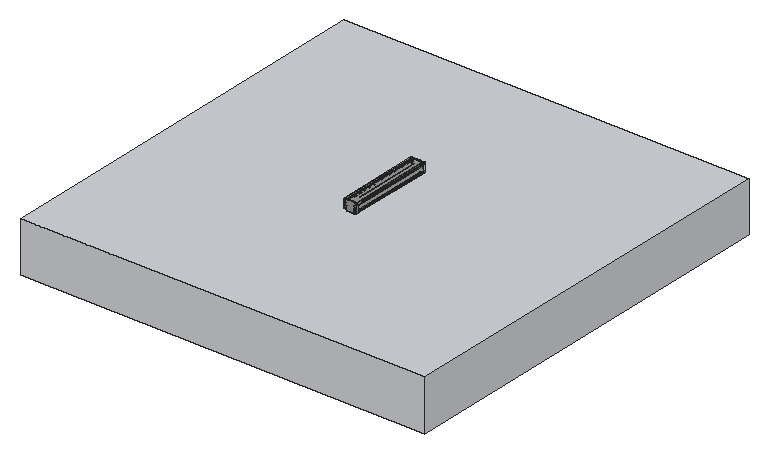
Revit family "L-industry NEW 24", category Осветительные приборы, Revit 2017 (continued)
Types (10, lengths in mm): name | Wattage | built-in parameter 1150134 | Файл фотометрической сетки | built-in parameter 1150142 | built-in parameter 1150105 | Lumens | built-in parameter 1150107 | built-in parameter 1150106 | Артикул
  L-industry NEW 24 5.0K Г30 | 20.2502 W | 2 | "L-industry NEW 24-23-G30-5.0K-01.ies" | "IESNA:LM-63-1995\r\n[TEST]LEDEL\r\n[DATA]27.11.2018\r\n[MANUFAC]LEDEL\r\n[LUMCAT]L-industry NEW 24/23/Г30/5.0K/01\r\n[LUMINAIRE]Для освещения  промышленных объектов, складов, декоративной подсветки  \r\n[MORE]\r\n[LAMPCAT]LED \r\n[LAMP]OSRAM OSLON\r\nTILT=NONE\r\n\r\n1 3008 1.9711664482306 37 19 1 2 0.533 0.083 0.166\r\n\r\n1 1 23\r\n\r\n0 2.5 5 7.5 10 12.5 15 17.5 20 22.5 25 27.5 30 32.5 35 37.5 40 42.5 45 47.5\r\n 50 52.5 55 57.5 60 62.5 65 67.5 70 72.5 75 77.5 80 82.5 85 87.5 90\r\n\r\n  0 5 10 15 20 25 30 35 40 45 50 55 60 65 70 75\r\n  80 85 90\r\n\r\n  3379 3230 2931 2592 2299 2089 1851 1514 1087 732 479 333 273 238 205\r\n  196 176 162 141 128 115 101 88 81 66 58 49 40 36 27\r\n  14 9 5 5 1 1 1\r\n  3377 3217 2938 2627 2345 2110 1860 1495 1068 719 477 333 273 237 207\r\n  181 167 153 137 123 110 101 86 80 66 58 44 40 31 25\r\n  14 5 1 1 3 1 1\r\n  3382 3252 3028 2782 2517 2238 1950 1563 1122 748 488 343 275 238 207\r\n  184 163 154 137 123 110 95 88 75 66 57 49 39 31 25\r\n  16 6 5 1 3 1 1\r\n  3382 3278 3101 2936 2721 2428 2053 1645 1199 812 521 353 279 246 213\r\n  189 176 155 141 128 110 99 88 75 66 61 53 40 36 18\r\n  18 9 3 1 3 1 1\r\n  3382 3279 3142 3019 2846 2534 2099 1649 1221 830 525 355 277 244 218\r\n  196 176 158 141 123 110 101 86 76 66 58 44 37 29 27\r\n  16 13 7 1 1 1 1\r\n  3380 3291 3165 3045 2890 2586 2125 1625 1194 814 524 355 280 238 214\r\n  196 174 158 137 124 110 93 86 79 64 57 44 36 29 27\r\n  16 9 5 4 1 1 1\r\n  3382 3290 3156 3012 2837 2567 2101 1572 1117 766 506 347 277 238 209\r\n  189 176 159 137 124 108 100 82 75 62 54 44 36 29 20\r\n  16 10 5 4 3 1 1\r\n  3376 3287 3145 2974 2776 2505 2064 1527 1047 723 488 335 264 232 207\r\n  188 176 158 139 127 110 100 88 76 64 58 53 40 33 27\r\n  18 10 9 5 1 1 3\r\n  3376 3287 3130 2952 2747 2471 2062 1538 1038 713 497 345 262 229 200\r\n  181 172 154 137 124 110 95 84 75 64 57 49 40 36 28\r\n  18 13 9 5 1 1 1\r\n  3347 3239 3073 2890 2659 2357 1921 1400 932 645 460 315 258 223 194\r\n  176 163 153 135 124 110 102 84 80 64 58 44 42 33 30\r\n  18 14 9 5 1 2 1\r\n  3376 3364 3259 3089 2877 2637 2314 1837 1312 902 611 419 308 259 229\r\n  202 185 176 159 138 128 110 97 85 77 66 60 53 38 36\r\n  27 15 11 9 5 1 1\r\n  3376 3359 3253 3102 2912 2700 2394 1918 1392 972 660 444 317 266 233\r\n  204 187 176 154 137 124 110 102 85 80 66 58 44 36 31\r\n  22 18 11 9 5 5 1\r\n  3382 3349 3229 3086 2921 2709 2345 1845 1345 945 629 420 310 271 236\r\n  211 198 177 159 141 124 110 97 88 77 66 58 46 38 31\r\n  22 15 11 6 5 4 1\r\n  3380 3333 3185 3047 2910 2663 2257 1781 1339 942 614 408 306 261 227\r\n  202 181 165 152 132 124 110 93 85 75 59 53 44 40 31\r\n  22 14 14 5 1 5 1\r\n  3382 3322 3151 2988 2839 2606 2227 1806 1395 993 650 428 321 266 233\r\n  207 187 172 154 133 123 107 97 84 71 63 58 44 40 28\r\n  22 15 9 5 5 2 3\r\n  3382 3307 3101 2883 2688 2442 2110 1743 1335 934 613 412 317 261 227\r\n  198 181 163 150 132 123 107 93 84 75 63 55 44 36 28\r\n  27 15 9 5 1 5 3\r\n  3382 3293 3048 2773 2512 2261 2012 1705 1307 922 613 419 317 255 220\r\n  189 172 159 150 132 119 106 93 84 75 64 53 44 38 31\r\n  18 14 9 2 1 1 3\r\n  3377 3308 3043 2715 2398 2146 1944 1661 1272 896 606 412 310 260 220\r\n  189 174 159 145 132 123 106 97 82 75 62 58 44 36 30\r\n  18 10 7 7 1 1 1\r\n  3379 3291 3019 2679 2350 2110 1930 1681 1307 941 646 437 328 273 229\r\n  198 183 170 154 136 126 110 101 83 75 66 55 44 33 30\r\n  22 14 7 4 3 1 3\r\n\r" | 239.37 (stored number, unit not read) | 3008 lm | 5000 (stored number, unit not read) | 2.3937 (stored number, unit not read) | "401031"
  L-industry NEW 24 4.0K Г60 | 20.4387 W | 12 | "L-industry NEW 24-23-G60-4.0K-01.ies" | "IESNA:LM-63-1995\r\n[TEST]LEDEL\r\n[DATA]27.11.2018\r\n[MANUFAC]LEDEL\r\n[LUMCAT]L-industry NEW 24/23/Г60/4.0K/01\r\n[LUMINAIRE]Для освещения  промышленных объектов, складов, декоративной подсветки  \r\n[MORE]\r\n[LAMPCAT]LED \r\n[LAMP]OSRAM OSLON\r\nTILT=NONE\r\n\r\n1 3036 1.8637200736648 37 19 1 2 0.533 0.083 0.166\r\n\r\n1 1 23\r\n\r\n0 2.5 5 7.5 10 12.5 15 17.5 20 22.5 25 27.5 30 32.5 35 37.5 40 42.5 45 47.5\r\n 50 52.5 55 57.5 60 62.5 65 67.5 70 72.5 75 77.5 80 82.5 85 87.5 90\r\n\r\n  0 5 10 15 20 25 30 35 40 45 50 55 60 65 70 75\r\n  80 85 90\r\n\r\n  1955 1942 1893 1816 1739 1659 1569 1473 1364 1237 1101 947 788 636 502\r\n  383 290 222 174 136 110 87 69 58 46 38 31 23 20 14\r\n  11 6 1 2 1 1 1\r\n  1954 1939 1889 1813 1734 1651 1563 1461 1347 1225 1085 931 770 620 483\r\n  368 280 216 168 135 109 88 72 60 50 39 33 25 20 15\r\n  11 6 3 2 1 1 1\r\n  1955 1936 1881 1808 1731 1653 1561 1457 1345 1224 1084 931 776 623 488\r\n  370 281 216 169 135 109 87 71 59 47 39 33 26 20 15\r\n  11 6 3 1 1 1 1\r\n  1953 1940 1890 1822 1751 1671 1574 1464 1345 1220 1082 927 773 628 491\r\n  378 288 220 168 131 104 84 69 58 47 37 31 25 20 15\r\n  11 6 3 2 1 1 1\r\n  1955 1940 1891 1825 1760 1686 1590 1478 1356 1230 1089 938 784 638 502\r\n  387 296 226 173 134 107 87 69 59 47 41 31 25 20 15\r\n  12 9 5 2 1 1 1\r\n  1955 1931 1881 1817 1755 1684 1583 1469 1338 1196 1045 892 743 605 480\r\n  372 288 222 173 136 110 88 72 59 49 39 33 27 21 15\r\n  11 9 5 3 1 2 1\r\n  1953 1931 1882 1818 1759 1687 1586 1465 1331 1185 1030 876 730 597 473\r\n  364 278 214 166 133 108 88 71 58 47 38 31 25 19 15\r\n  11 7 5 3 2 1 1\r\n  1954 1935 1890 1829 1769 1695 1593 1473 1336 1191 1032 869 718 580 454\r\n  347 268 208 162 129 107 87 69 59 47 39 33 26 20 14\r\n  11 6 5 2 2 1 1\r\n  1952 1928 1881 1822 1762 1683 1578 1455 1320 1176 1018 851 693 551 429\r\n  331 255 197 157 128 103 85 69 58 47 41 31 26 20 15\r\n  12 9 5 2 1 2 1\r\n  1952 1923 1871 1812 1755 1671 1560 1436 1309 1169 1017 855 702 564 440\r\n  336 258 198 157 126 102 83 68 58 45 37 31 27 20 15\r\n  11 9 5 3 2 2 1\r\n  1952 1936 1870 1781 1693 1613 1523 1409 1288 1163 1029 886 742 607 485\r\n  375 290 224 176 140 115 95 78 67 56 47 42 32 27 21\r\n  18 12 8 5 3 3 2\r\n  1954 1929 1860 1770 1684 1604 1514 1403 1282 1162 1027 885 743 609 485\r\n  375 288 226 177 141 116 95 79 67 55 45 39 34 24 20\r\n  15 12 8 5 3 3 3\r\n  1953 1932 1867 1777 1689 1606 1519 1412 1291 1169 1039 902 759 620 497\r\n  388 299 231 181 143 117 96 78 66 54 45 37 30 25 20\r\n  14 12 8 5 3 2 2\r\n  1955 1932 1868 1779 1693 1613 1522 1417 1298 1176 1044 902 759 624 499\r\n  387 298 230 179 142 116 95 77 64 53 46 37 30 25 21\r\n  15 11 9 5 3 2 1\r\n  1955 1925 1857 1769 1684 1602 1505 1398 1279 1155 1020 870 720 580 457\r\n  351 272 214 167 134 109 89 75 62 52 43 36 29 25 19\r\n  14 12 8 5 3 3 2\r\n  1953 1923 1856 1767 1685 1603 1509 1400 1285 1167 1034 884 733 593 465\r\n  359 277 215 168 134 109 89 75 62 53 44 37 30 25 18\r\n  14 11 8 3 3 2 3\r\n  1955 1931 1868 1783 1698 1613 1515 1404 1286 1163 1022 871 720 584 460\r\n  355 274 213 166 133 108 89 72 62 53 43 36 29 24 20\r\n  14 11 6 3 3 2 3\r\n  1954 1924 1855 1773 1689 1603 1508 1402 1288 1164 1027 877 726 585 461\r\n  354 272 210 164 130 108 88 72 61 49 41 35 28 22 18\r\n  13 9 4 2 3 2 2\r\n  1955 1925 1865 1786 1706 1622 1524 1414 1298 1171 1030 875 722 583 458\r\n  353 273 211 165 133 108 87 72 61 51 42 34 28 22 19\r\n  14 11 5 3 3 2 2\r\n\r" | 241.6 (stored number, unit not read) | 3036 lm | 4000 (stored number, unit not read) | 2.416 (stored number, unit not read) | "511102706741300"
  L-industry NEW 24 5.0K Г60 | 20.4387 W | 2 | "L-industry NEW 24-23-G60-5.0K-01.ies" | "IESNA:LM-63-1995\r\n[TEST]LEDEL\r\n[DATA]27.11.2018\r\n[MANUFAC]LEDEL\r\n[LUMCAT]L-industry NEW 24/23/Г60/5.0K/01\r\n[LUMINAIRE]Для освещения  промышленных объектов, складов, декоративной подсветки  \r\n[MORE]\r\n[LAMPCAT]LED \r\n[LAMP]OSRAM OSLON\r\nTILT=NONE\r\n\r\n1 3036 1.8637200736648 37 19 1 2 0.533 0.083 0.166\r\n\r\n1 1 23\r\n\r\n0 2.5 5 7.5 10 12.5 15 17.5 20 22.5 25 27.5 30 32.5 35 37.5 40 42.5 45 47.5\r\n 50 52.5 55 57.5 60 62.5 65 67.5 70 72.5 75 77.5 80 82.5 85 87.5 90\r\n\r\n  0 5 10 15 20 25 30 35 40 45 50 55 60 65 70 75\r\n  80 85 90\r\n\r\n  1955 1942 1893 1816 1739 1659 1569 1473 1364 1237 1101 947 788 636 502\r\n  383 290 222 174 136 110 87 69 58 46 38 31 23 20 14\r\n  11 6 1 2 1 1 1\r\n  1954 1939 1889 1813 1734 1651 1563 1461 1347 1225 1085 931 770 620 483\r\n  368 280 216 168 135 109 88 72 60 50 39 33 25 20 15\r\n  11 6 3 2 1 1 1\r\n  1955 1936 1881 1808 1731 1653 1561 1457 1345 1224 1084 931 776 623 488\r\n  370 281 216 169 135 109 87 71 59 47 39 33 26 20 15\r\n  11 6 3 1 1 1 1\r\n  1953 1940 1890 1822 1751 1671 1574 1464 1345 1220 1082 927 773 628 491\r\n  378 288 220 168 131 104 84 69 58 47 37 31 25 20 15\r\n  11 6 3 2 1 1 1\r\n  1955 1940 1891 1825 1760 1686 1590 1478 1356 1230 1089 938 784 638 502\r\n  387 296 226 173 134 107 87 69 59 47 41 31 25 20 15\r\n  12 9 5 2 1 1 1\r\n  1955 1931 1881 1817 1755 1684 1583 1469 1338 1196 1045 892 743 605 480\r\n  372 288 222 173 136 110 88 72 59 49 39 33 27 21 15\r\n  11 9 5 3 1 2 1\r\n  1953 1931 1882 1818 1759 1687 1586 1465 1331 1185 1030 876 730 597 473\r\n  364 278 214 166 133 108 88 71 58 47 38 31 25 19 15\r\n  11 7 5 3 2 1 1\r\n  1954 1935 1890 1829 1769 1695 1593 1473 1336 1191 1032 869 718 580 454\r\n  347 268 208 162 129 107 87 69 59 47 39 33 26 20 14\r\n  11 6 5 2 2 1 1\r\n  1952 1928 1881 1822 1762 1683 1578 1455 1320 1176 1018 851 693 551 429\r\n  331 255 197 157 128 103 85 69 58 47 41 31 26 20 15\r\n  12 9 5 2 1 2 1\r\n  1952 1923 1871 1812 1755 1671 1560 1436 1309 1169 1017 855 702 564 440\r\n  336 258 198 157 126 102 83 68 58 45 37 31 27 20 15\r\n  11 9 5 3 2 2 1\r\n  1952 1936 1870 1781 1693 1613 1523 1409 1288 1163 1029 886 742 607 485\r\n  375 290 224 176 140 115 95 78 67 56 47 42 32 27 21\r\n  18 12 8 5 3 3 2\r\n  1954 1929 1860 1770 1684 1604 1514 1403 1282 1162 1027 885 743 609 485\r\n  375 288 226 177 141 116 95 79 67 55 45 39 34 24 20\r\n  15 12 8 5 3 3 3\r\n  1953 1932 1867 1777 1689 1606 1519 1412 1291 1169 1039 902 759 620 497\r\n  388 299 231 181 143 117 96 78 66 54 45 37 30 25 20\r\n  14 12 8 5 3 2 2\r\n  1955 1932 1868 1779 1693 1613 1522 1417 1298 1176 1044 902 759 624 499\r\n  387 298 230 179 142 116 95 77 64 53 46 37 30 25 21\r\n  15 11 9 5 3 2 1\r\n  1955 1925 1857 1769 1684 1602 1505 1398 1279 1155 1020 870 720 580 457\r\n  351 272 214 167 134 109 89 75 62 52 43 36 29 25 19\r\n  14 12 8 5 3 3 2\r\n  1953 1923 1856 1767 1685 1603 1509 1400 1285 1167 1034 884 733 593 465\r\n  359 277 215 168 134 109 89 75 62 53 44 37 30 25 18\r\n  14 11 8 3 3 2 3\r\n  1955 1931 1868 1783 1698 1613 1515 1404 1286 1163 1022 871 720 584 460\r\n  355 274 213 166 133 108 89 72 62 53 43 36 29 24 20\r\n  14 11 6 3 3 2 3\r\n  1954 1924 1855 1773 1689 1603 1508 1402 1288 1164 1027 877 726 585 461\r\n  354 272 210 164 130 108 88 72 61 49 41 35 28 22 18\r\n  13 9 4 2 3 2 2\r\n  1955 1925 1865 1786 1706 1622 1524 1414 1298 1171 1030 875 722 583 458\r\n  353 273 211 165 133 108 87 72 61 51 42 34 28 22 19\r\n  14 11 5 3 3 2 2\r\n\r" | 241.6 (stored number, unit not read) | 3036 lm | 5000 (stored number, unit not read) | 2.416 (stored number, unit not read) | "401032"
